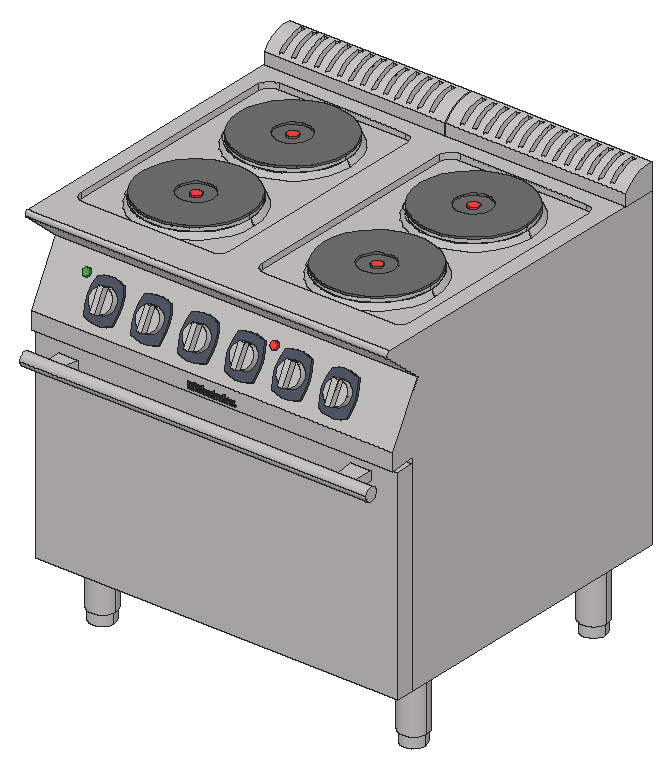
Revit family "QF_ELECTROLUXPROFESSIONAL_371148_E7ECMH4RE5", category Specialty Equipment, Revit 2018
Family settings
  Round Connector Dimension = Use Diameter
  Part Type = Normal
  Work Plane-Based = No
  Always vertical = Yes
  Cut with Voids When Loaded = No
  Shared = No
  Room Calculation Point = No
Parameters (values of type "Standard")
  Weight = 80.00 kg
  Watts = 0 W
  Volts = 400 V
  URL Manufacturer = "http://professional.electrolux.com"
  URL = "http://professional.electrolux.com"
  Steam Supply Size = 0"
  Steam Supply Minimum Pressure = 0.00 psi
  Steam Supply Maximum Pressure = 0.00 psi
  Steam Pounds per Hour = 0
  Show Logo [instance] = yes
  Show Clearance [instance] = yes
  Refrigeration Suction Line Size = 0 mm
  Refrigeration Liquid Line Size = 0 mm
  Refrigerant Compressor Remote = yes
  Phase = 3
  Model = "E7ECMH4RE5"
  Manufacturer = "Electrolux Professional"
  Length Actual = 800 mm  # constant formula
  Item Number = "371148"
  Hot Water Size = 0"
  Height Actual = 850 mm  # constant formula
  HP = "22 HP"
  Gas Size = 0"
  Gas KW = 0
  Gas Input Pressure = 0.0 Btu/h
  Direct Waste Size = 0"
  Description = "4-HOT PLATE EL.RANGE+OVEN 800MM-MAR400V"
  Depth Actual = 730 mm  # constant formula
  Cycle = 50 Hz
  Condensate Return Size = 0"
  Compressed Air Volume = 0 GPM
  Compressed Air Size = 0"
  Compressed Air Pressure = 0.00 psi
  Cold Water Size = 0"
  Accessory = yes
Reference planes
  plane 1 "BACK": y = 0
  plane 2: z = 0
  plane 3 "LEFT": x = 0
  plane 4 "RIGHT": x = 800.1
  plane 5 "FRONT": y = -730.25
  plane 6 "TOP": z = 908.1
  plane 7 "Center Y": x = 400.05
  plane 8 "Center X": y = -365.125
  plane 9 "TOP A": z = 851
  plane 10: z = 150
Forms (mm)
  Extrusion 1, solid, material "QF_Finishes_Stainless Steel"
    sketch origin (0, 0, 0) x (0, 1, 0) y (0, 0, 1)
      loop
        line (0, 851) -> (-722.928, 851)
        arc (-722.928, 851) -> (-729.69, 846.314) -> (-727.679, 838.336) r 7.223
        line (-727.679, 838.336) -> (-646.919, 767.809) -> (-713.772, 646.19) -> (-713.772, 608.09) -> (-660.4, 613.7) -> (-660.4, 150) -> (0, 150) -> (0, 851)
    from 0 to 800.1
  Extrusion 2, solid, material "QF_Finishes_Clearance", visible <- "Show Clearance", detail levels coarse
    sketch origin (0, 0, 0) x (1, 0, 0) y (0, 1, 0)
      loop
        line (0, -730.25) -> (0, 0) -> (800.1, 0) -> (800.1, -730.25) -> (950.119, -730.25) -> (950.119, 150.019) -> (-150.019, 150.019) -> (-150.019, -730.25) -> (0, -730.25)
    from 0 to 908.1
  Revolve 3, solid, material "QF_Finishes_Stainless Steel"
    sketch origin (0, -587.387, 608.09) x (0, 0, 1) y (-1, 0, 0)
      loop
        line (-608.09, -56) -> (-458.09, -56) -> (-458.09, -26) -> (-583.09, -26) -> (-583.09, -29.75) -> (-608.09, -29.75) -> (-608.09, -56)
      axis (-608.09, -56) -> (-458.09, -56)
    angle from 0 to 360
  Revolve 4, solid, material "QF_Finishes_Stainless Steel"
    sketch origin (400.05, -587.387, 608.09) x (0, 0, 1) y (-1, 0, 0)
      loop
        line (-608.09, -344.05) -> (-608.09, -370.3) -> (-583.09, -370.3) -> (-583.09, -374.05) -> (-458.09, -374.05) -> (-458.09, -344.05) -> (-608.09, -344.05)
      axis (-608.09, -344.05) -> (-458.09, -344.05)
    angle from 0 to 360
  Revolve 5, solid, material "QF_Finishes_Stainless Steel"
    sketch origin (0, -90, 608.09) x (0, 0, 1) y (-1, 0, 0)
      loop
        line (-608.09, -56) -> (-458.09, -56) -> (-458.09, -26) -> (-583.09, -26) -> (-583.09, -29.75) -> (-608.09, -29.75) -> (-608.09, -56)
      axis (-608.09, -56) -> (-458.09, -56)
    angle from 0 to 360
  Revolve 6, solid, material "QF_Finishes_Stainless Steel"
    sketch origin (400.05, -90, 608.09) x (0, 0, 1) y (-1, 0, 0)
      loop
        line (-608.09, -344.05) -> (-608.09, -370.3) -> (-583.09, -370.3) -> (-583.09, -374.05) -> (-458.09, -374.05) -> (-458.09, -344.05) -> (-608.09, -344.05)
      axis (-608.09, -344.05) -> (-458.09, -344.05)
    angle from 0 to 360
  Extrusion 7, solid, material "QF_Finishes_Stainless Steel"
    sketch origin (-77.88, -4572, 150) x (-1, 0, 0) y (0, -1, 0)
      loop
        circle (-830.355, -4059.238) r 12.7
    from 3.2 to 0
  Extrusion 8, solid, material "QF_Finishes_Stainless Steel"
    sketch origin (199.231, -12.7, -7.5) x (0, 1, 0) y (0, 0, 1)
      loop
        circle (-740.063, 582.209) r 14
    from -181.531 to 583.169
  Extrusion 9, solid, material "QF_Finishes_Stainless Steel"
    sketch origin (-23.75, -12.7, 562.009) x (-1, 0, 0) y (0, -1, 0)
      loop
        line (-84.731, 741.563) -> (-118.724, 741.563) -> (-126.38, 700.088) -> (-84.731, 700.088) -> (-84.731, 741.563)
      loop
        line (-762.869, 741.563) -> (-762.869, 687.387) -> (-718.876, 687.387) -> (-728.876, 741.563) -> (-762.869, 741.563)
    from 0 to 21.491
  Extrusion 10, solid, material "QF_Finishes_Navy Blue", visible <- "Show Logo"
    sketch origin (59.194, -713.772, 608.09) x (0, 0, 1) y (-1, 0, 0)
      loop
        line (20.674, -296.698) -> (8.307, -296.698)
        arc (8.307, -296.698) -> (14.491, -301.27) -> (20.674, -296.698) r 6.467
      loop
        arc (20.674, -296.069) -> (19.505, -290.926) -> (14.849, -288.448) r 6.338
        line (14.849, -288.448) -> (14.849, -290.494)
        arc (14.849, -290.494) -> (16.333, -294.149) -> (19.778, -296.069) r 5.941
        line (19.778, -296.069) -> (20.674, -296.069)
      loop
        arc (9.203, -296.069) -> (12.648, -294.149) -> (14.132, -290.494) r 5.941
        line (14.132, -290.494) -> (14.132, -288.448)
        arc (14.132, -288.448) -> (9.438, -290.922) -> (8.148, -296.069) r 6.504
        line (8.148, -296.069) -> (9.203, -296.069)
      loop
        line (21.349, -287.979) -> (7.604, -287.979) -> (7.604, -301.742) -> (21.349, -301.742) -> (21.349, -287.979)
      loop
        arc (21.432, -304.71) -> (21.085, -304.352) -> (20.718, -304.69) r 0.358
        arc (20.718, -304.69) -> (20.404, -305.44) -> (19.687, -305.825) r 1.216
        line (19.687, -305.825) -> (9.274, -305.825)
        arc (9.274, -305.825) -> (8.614, -305.548) -> (8.218, -304.951) r 1.238
        arc (8.218, -304.951) -> (7.823, -304.7) -> (7.518, -305.054) r 0.358
        line (7.518, -305.054) -> (7.518, -314.933) -> (10.269, -314.933) -> (10.269, -314.036)
        arc (10.269, -314.036) -> (9.36, -313.456) -> (8.904, -312.479) r 1.928
        line (8.904, -312.479) -> (8.904, -309.98)
        arc (8.904, -309.98) -> (9.18, -309.251) -> (9.868, -308.887) r 1.101
        line (9.868, -308.887) -> (13.955, -308.887) -> (13.955, -312.561)
        arc (13.955, -312.561) -> (13.602, -313.058) -> (13.037, -313.286) r 1.083
        arc (13.037, -313.286) -> (12.773, -313.591) -> (13.065, -313.869) r 0.292
        line (13.065, -313.869) -> (16.028, -313.869)
        arc (16.028, -313.869) -> (16.33, -313.596) -> (16.092, -313.266) r 0.305
        arc (16.092, -313.266) -> (15.601, -313.018) -> (15.296, -312.561) r 1.083
        line (15.296, -312.561) -> (15.296, -308.887) -> (19.973, -308.887) -> (19.973, -312.635)
        arc (19.973, -312.635) -> (19.759, -313.39) -> (19.153, -313.888) r 1.314
        arc (19.153, -313.888) -> (18.934, -314.292) -> (19.288, -314.585) r 0.361
        line (19.288, -314.585) -> (21.432, -314.585) -> (21.432, -304.71)
      loop
        arc (20.715, -315.365) -> (20.335, -316.284) -> (19.416, -316.664) r 1.299
        line (19.416, -316.664) -> (9.837, -316.664)
        arc (9.837, -316.664) -> (8.999, -316.286) -> (8.728, -315.408) r 1.118
        line (8.728, -315.408) -> (7.518, -315.408) -> (7.518, -320.758) -> (8.706, -320.758)
        arc (8.706, -320.758) -> (8.978, -319.841) -> (9.848, -319.445) r 1.153
        line (9.848, -319.445) -> (21.92, -319.445) -> (20.715, -315.365)
      loop
        line (12.483, -323.394) -> (12.483, -329.842) -> (13.282, -329.842)
        arc (13.282, -329.842) -> (15.862, -328.857) -> (17.131, -326.404) r 3.874
        line (17.131, -326.404) -> (17.131, -324.643)
        arc (17.131, -324.643) -> (15.944, -321.778) -> (13.08, -320.592) r 4.051
        line (13.08, -320.592) -> (11.072, -320.592)
        arc (11.072, -320.592) -> (8.253, -322.077) -> (7.202, -325.084) r 4.352
        arc (7.202, -325.084) -> (7.566, -327.547) -> (8.943, -329.621) r 5.713
        line (8.943, -329.621) -> (9.892, -329.621)
        arc (9.892, -329.621) -> (9.16, -328.052) -> (8.943, -326.334) r 5.579
        arc (8.943, -326.334) -> (9.737, -324.371) -> (11.616, -323.394) r 3.057
        line (11.616, -323.394) -> (12.483, -323.394)
      loop
        line (13.742, -323.394) -> (13.742, -326.977)
        arc (13.742, -326.977) -> (15.199, -327.024) -> (16.082, -325.864) r 1.59
        line (16.082, -325.864) -> (16.082, -325.034)
        arc (16.082, -325.034) -> (15.217, -323.779) -> (13.742, -323.394) r 2.184
      loop
        arc (16.533, -339.259) -> (17.022, -337.585) -> (17.179, -335.848) r 9.023
        line (17.179, -335.848) -> (17.179, -334.486)
        arc (17.179, -334.486) -> (16.02, -331.686) -> (13.22, -330.527) r 3.959
        line (13.22, -330.527) -> (10.62, -330.527)
        arc (10.62, -330.527) -> (8.338, -331.819) -> (7.221, -334.192) r 4.331
        line (7.221, -334.192) -> (7.221, -336.327)
        arc (7.221, -336.327) -> (7.729, -337.877) -> (8.651, -339.223) r 5.772
        arc (8.651, -339.223) -> (9.412, -339.274) -> (9.499, -338.515) r 0.553
        arc (9.499, -338.515) -> (9.111, -337.781) -> (8.977, -336.962) r 2.573
        line (8.977, -336.962) -> (8.977, -335.447)
        arc (8.977, -335.447) -> (9.983, -333.806) -> (11.798, -333.163) r 2.884
        line (11.798, -333.163) -> (13.077, -333.163)
        arc (13.077, -333.163) -> (14.898, -333.723) -> (15.824, -335.388) r 2.554
        line (15.824, -335.388) -> (15.824, -336.441)
        arc (15.824, -336.441) -> (15.493, -337.369) -> (14.836, -338.104) r 2.564
        arc (14.836, -338.104) -> (14.614, -338.821) -> (15.223, -339.259) r 0.643
        line (15.223, -339.259) -> (16.533, -339.259)
      loop
        line (15.515, -339.53) -> (15.515, -341.031) -> (9.467, -341.031)
        arc (9.467, -341.031) -> (7.879, -341.688) -> (7.221, -343.276) r 2.246
        line (7.221, -343.276) -> (7.221, -344.86)
        arc (7.221, -344.86) -> (7.535, -345.725) -> (8.035, -346.496) r 4.06
        arc (8.035, -346.496) -> (8.768, -346.629) -> (9.019, -345.928) r 0.576
        arc (9.019, -345.928) -> (8.913, -345.403) -> (8.977, -344.87) r 1.69
        arc (8.977, -344.87) -> (9.519, -344.082) -> (10.425, -343.779) r 1.506
        line (10.425, -343.779) -> (15.563, -343.779) -> (15.563, -346.176) -> (16.119, -346.733) -> (16.941, -346.733) -> (16.941, -343.873) -> (20.172, -343.873) -> (15.515, -339.53)
      loop
        line (7.438, -347.63) -> (7.438, -353.017) -> (8.548, -353.017)
        arc (8.548, -353.017) -> (8.942, -352.066) -> (9.893, -351.672) r 1.345
        line (9.893, -351.672) -> (13.509, -351.672)
        arc (13.509, -351.672) -> (14.274, -352.264) -> (14.564, -353.186) r 1.615
        line (14.564, -353.186) -> (14.564, -354.742) -> (17.119, -355.427) -> (17.119, -354.044) -> (15.177, -351.485) -> (17.057, -351.485) -> (16.773, -348.779)
        arc (16.773, -348.779) -> (16.333, -348.249) -> (15.674, -348.45) r 0.621
        arc (15.674, -348.45) -> (15.274, -348.792) -> (14.78, -348.975) r 1.501
        line (14.78, -348.975) -> (9.893, -348.975)
        arc (9.893, -348.975) -> (8.942, -348.581) -> (8.548, -347.63) r 1.345
        line (8.548, -347.63) -> (7.438, -347.63)
      loop
        line (13.54, -354.964) -> (10.848, -354.964)
        arc (10.848, -354.964) -> (8.403, -356.272) -> (7.269, -358.803) r 4.288
        arc (7.269, -358.803) -> (7.205, -360.183) -> (7.269, -361.563) r 15.022
        arc (7.269, -361.563) -> (8.403, -364.094) -> (10.848, -365.401) r 4.288
        line (10.848, -365.401) -> (13.54, -365.401)
        arc (13.54, -365.401) -> (15.986, -364.094) -> (17.119, -361.563) r 4.288
        arc (17.119, -361.563) -> (17.183, -360.183) -> (17.119, -358.803) r 15.022
        arc (17.119, -358.803) -> (15.986, -356.272) -> (13.54, -354.964) r 4.288
      loop
        line (13.745, -358.078) -> (10.643, -358.078)
        arc (10.643, -358.078) -> (8.486, -360.235) -> (10.643, -362.392) r 2.157
        line (10.643, -362.392) -> (13.745, -362.392)
        arc (13.745, -362.392) -> (15.902, -360.235) -> (13.745, -358.078) r 2.157
      loop
        arc (20.726, -365.26) -> (20.355, -366.154) -> (19.461, -366.524) r 1.264
        line (19.461, -366.524) -> (9.597, -366.524)
        arc (9.597, -366.524) -> (8.727, -366.127) -> (8.455, -365.211) r 1.153
        line (8.455, -365.211) -> (7.518, -365.211) -> (7.518, -370.319) -> (8.446, -370.319)
        arc (8.446, -370.319) -> (8.805, -369.547) -> (9.597, -369.232) r 1.153
        line (9.597, -369.232) -> (21.92, -369.232) -> (20.726, -365.26)
      loop
        arc (15.846, -369.857) -> (15.647, -370.921) -> (14.678, -371.403) r 1.215
        line (14.678, -371.403) -> (9.658, -371.403)
        arc (9.658, -371.403) -> (8.043, -372.051) -> (7.322, -373.634) r 2.338
        line (7.322, -373.634) -> (7.322, -375.148)
        arc (7.322, -375.148) -> (7.497, -376.152) -> (7.999, -377.038) r 2.979
        line (7.999, -377.038) -> (7.518, -378.835) -> (7.518, -380.524) -> (16.943, -380.524) -> (16.649, -376.32) -> (15.863, -376.32)
        arc (15.863, -376.32) -> (15.507, -377.156) -> (14.755, -377.665) r 1.605
        line (14.755, -377.665) -> (9.652, -377.665)
        arc (9.652, -377.665) -> (9.232, -376.728) -> (9.159, -375.704) r 2.94
        arc (9.159, -375.704) -> (9.72, -374.603) -> (10.873, -374.16) r 1.724
        line (10.873, -374.16) -> (17.07, -374.16) -> (15.846, -369.857)
      loop
        line (16.874, -381.377) -> (15.202, -383.423) -> (12.028, -385.729) -> (8.572, -382.617)
        arc (8.572, -382.617) -> (8.335, -382.223) -> (8.357, -381.764) r 0.789
        line (8.357, -381.764) -> (7.518, -381.764) -> (7.518, -385.309) -> (8.344, -385.309)
        arc (8.344, -385.309) -> (8.686, -384.947) -> (9.176, -385.039) r 0.52
        line (9.176, -385.039) -> (10.976, -386.51) -> (8.858, -387.886)
        arc (8.858, -387.886) -> (8.457, -387.576) -> (8.37, -387.076) r 0.7
        line (8.37, -387.076) -> (7.518, -387.076) -> (7.518, -393.003) -> (8.405, -393.003)
        arc (8.405, -393.003) -> (8.472, -392.344) -> (8.866, -391.813) r 1.247
        line (8.866, -391.813) -> (13.066, -388.532) -> (15.513, -390.585) -> (16.874, -392.327) -> (16.874, -388.604) -> (15.389, -389.026) -> (13.868, -387.749) -> (15.568, -386.559) -> (16.874, -387.336) -> (16.874, -381.377)
    from 0 to 1.644
  Extrusion 11, solid, material "QF_Finishes_Stainless Steel"
    sketch origin (0, -660.4, 601) x (0, 0, 1) y (-1, 0, 0)
      loop
        line (0, -800.1) -> (0, 0) -> (-451, 0) -> (-451, -800.1) -> (0, -800.1)
    from 1.588 to 39.688
  Extrusion 12, solid, material "QF_Finishes_Navy Blue"
    sketch origin (-221.762, -716.743, 640.785) x (0, 0.481713, 0.876329) y (-1, 0, 0)
      loop
        arc (105.947, -332.692) -> (68.865, -323.711) -> (31.333, -330.573) r 91.844
        arc (31.333, -330.573) -> (24.206, -361.215) -> (31.333, -391.858) r 69.441
        arc (31.333, -391.858) -> (68.854, -398.569) -> (105.947, -389.79) r 93.759
        arc (105.947, -389.79) -> (112.176, -361.241) -> (105.947, -332.692) r 68.543
    from 0 to 3.175
  Extrusion 13, solid, material "QF_Finishes_Stainless Steel"
    sketch origin (-20.512, -719.526, 642.314) x (0, 0.481713, 0.876329) y (-1, 0, 0)
      loop
        circle (68.826, -160.963) r 25.4
    from 0 to 12.7
  Extrusion 14, solid, material "QF_Finishes_Stainless Steel"
    sketch origin (-20.512, -730.655, 648.432) x (0, 0.481713, 0.876329) y (-1, 0, 0)
      loop
        arc (93.558, -166.749) -> (94.226, -160.963) -> (93.558, -155.177) r 25.4
        line (93.558, -155.177) -> (44.094, -155.177)
        arc (44.094, -155.177) -> (43.426, -160.963) -> (44.094, -166.749) r 25.4
        line (44.094, -166.749) -> (93.558, -166.749)
    from 0 to 12.7
  Extrusion 15, solid, material "QF_Finishes_Green"
    sketch origin (-92.5, -696.912, 676.862) x (0, 0.481713, 0.876329) y (-1, 0, 0)
      loop
        circle (63.365, -178.251) r 8
    from 0 to 3.175
  Extrusion 16, solid, material "QF_Finishes_Door Clearance", visible <- "Show Clearance", detail levels coarse
    sketch origin (400.05, 0, 0) x (0, 1, 0) y (0, 0, 1)
      loop
        line (-700.088, 150) -> (-700.088, 601)
        arc (-700.088, 601) -> (-992.356, 454.945) -> (-1109.663, 150) r 451.686
        line (-1109.663, 150) -> (-700.088, 150)
    from -400.05 to 400.05
  Extrusion 17, solid, material "QF_Finishes_Navy Blue"
    sketch origin (297.436, -716.743, 640.785) x (0, 0.481713, 0.876329) y (-1, 0, 0)
      loop
        arc (105.947, -332.692) -> (68.865, -323.711) -> (31.333, -330.573) r 91.844
        arc (31.333, -330.573) -> (24.206, -361.215) -> (31.333, -391.858) r 69.441
        arc (31.333, -391.858) -> (68.854, -398.569) -> (105.947, -389.79) r 93.759
        arc (105.947, -389.79) -> (112.176, -361.241) -> (105.947, -332.692) r 68.543
    from 0 to 3.175
  Extrusion 18, solid, material "QF_Finishes_Stainless Steel"
    sketch origin (498.686, -719.526, 642.314) x (0, 0.481713, 0.876329) y (-1, 0, 0)
      loop
        circle (68.826, -160.963) r 25.4
    from 0 to 12.7
  Extrusion 19, solid, material "QF_Finishes_Stainless Steel"
    sketch origin (498.686, -730.655, 648.432) x (0, 0.481713, 0.876329) y (-1, 0, 0)
      loop
        arc (93.558, -166.749) -> (94.226, -160.963) -> (93.558, -155.177) r 25.4
        line (93.558, -155.177) -> (44.094, -155.177)
        arc (44.094, -155.177) -> (43.426, -160.963) -> (44.094, -166.749) r 25.4
        line (44.094, -166.749) -> (93.558, -166.749)
    from 0 to 12.7
  Extrusion 20, solid, material "QF_Finishes_Navy Blue"
    sketch origin (-117.922, -716.743, 640.785) x (0, 0.481713, 0.876329) y (-1, 0, 0)
      loop
        arc (105.947, -332.692) -> (68.865, -323.711) -> (31.333, -330.573) r 91.844
        arc (31.333, -330.573) -> (24.206, -361.215) -> (31.333, -391.858) r 69.441
        arc (31.333, -391.858) -> (68.854, -398.569) -> (105.947, -389.79) r 93.759
        arc (105.947, -389.79) -> (112.176, -361.241) -> (105.947, -332.692) r 68.543
    from 0 to 3.175
  Extrusion 21, solid, material "QF_Finishes_Stainless Steel"
    sketch origin (83.328, -719.526, 642.314) x (0, 0.481713, 0.876329) y (-1, 0, 0)
      loop
        circle (68.826, -160.963) r 25.4
    from 0 to 12.7
  Extrusion 22, solid, material "QF_Finishes_Stainless Steel"
    sketch origin (83.328, -730.655, 648.432) x (0, 0.481713, 0.876329) y (-1, 0, 0)
      loop
        arc (93.558, -166.749) -> (94.226, -160.963) -> (93.558, -155.177) r 25.4
        line (93.558, -155.177) -> (44.094, -155.177)
        arc (44.094, -155.177) -> (43.426, -160.963) -> (44.094, -166.749) r 25.4
        line (44.094, -166.749) -> (93.558, -166.749)
    from 0 to 12.7
  Extrusion 23, solid, material "QF_Finishes_Navy Blue"
    sketch origin (-14.083, -716.743, 640.785) x (0, 0.481713, 0.876329) y (-1, 0, 0)
      loop
        arc (105.947, -332.692) -> (68.865, -323.711) -> (31.333, -330.573) r 91.844
        arc (31.333, -330.573) -> (24.206, -361.215) -> (31.333, -391.858) r 69.441
        arc (31.333, -391.858) -> (68.854, -398.569) -> (105.947, -389.79) r 93.759
        arc (105.947, -389.79) -> (112.176, -361.241) -> (105.947, -332.692) r 68.543
    from 0 to 3.175
  Extrusion 24, solid, material "QF_Finishes_Stainless Steel"
    sketch origin (187.167, -719.526, 642.314) x (0, 0.481713, 0.876329) y (-1, 0, 0)
      loop
        circle (68.826, -160.963) r 25.4
    from 0 to 12.7
  Extrusion 25, solid, material "QF_Finishes_Stainless Steel"
    sketch origin (187.167, -730.655, 648.432) x (0, 0.481713, 0.876329) y (-1, 0, 0)
      loop
        arc (93.558, -166.749) -> (94.226, -160.963) -> (93.558, -155.177) r 25.4
        line (93.558, -155.177) -> (44.094, -155.177)
        arc (44.094, -155.177) -> (43.426, -160.963) -> (44.094, -166.749) r 25.4
        line (44.094, -166.749) -> (93.558, -166.749)
    from 0 to 12.7
  Extrusion 26, solid, material "QF_Finishes_Navy Blue"
    sketch origin (89.757, -716.743, 640.785) x (0, 0.481713, 0.876329) y (-1, 0, 0)
      loop
        arc (105.947, -332.692) -> (68.865, -323.711) -> (31.333, -330.573) r 91.844
        arc (31.333, -330.573) -> (24.206, -361.215) -> (31.333, -391.858) r 69.441
        arc (31.333, -391.858) -> (68.854, -398.569) -> (105.947, -389.79) r 93.759
        arc (105.947, -389.79) -> (112.176, -361.241) -> (105.947, -332.692) r 68.543
    from 0 to 3.175
  Extrusion 27, solid, material "QF_Finishes_Stainless Steel"
    sketch origin (291.007, -719.526, 642.314) x (0, 0.481713, 0.876329) y (-1, 0, 0)
      loop
        circle (68.826, -160.963) r 25.4
    from 0 to 12.7
  Extrusion 28, solid, material "QF_Finishes_Stainless Steel"
    sketch origin (291.007, -730.655, 648.432) x (0, 0.481713, 0.876329) y (-1, 0, 0)
      loop
        arc (93.558, -166.749) -> (94.226, -160.963) -> (93.558, -155.177) r 25.4
        line (93.558, -155.177) -> (44.094, -155.177)
        arc (44.094, -155.177) -> (43.426, -160.963) -> (44.094, -166.749) r 25.4
        line (44.094, -166.749) -> (93.558, -166.749)
    from 0 to 12.7
  Extrusion 29, solid, material "QF_Finishes_Navy Blue"
    sketch origin (193.596, -716.743, 640.785) x (0, 0.481713, 0.876329) y (-1, 0, 0)
      loop
        arc (105.947, -332.692) -> (68.865, -323.711) -> (31.333, -330.573) r 91.844
        arc (31.333, -330.573) -> (24.206, -361.215) -> (31.333, -391.858) r 69.441
        arc (31.333, -391.858) -> (68.854, -398.569) -> (105.947, -389.79) r 93.759
        arc (105.947, -389.79) -> (112.176, -361.241) -> (105.947, -332.692) r 68.543
    from 0 to 3.175
  Extrusion 30, solid, material "QF_Finishes_Stainless Steel"
    sketch origin (394.846, -719.526, 642.314) x (0, 0.481713, 0.876329) y (-1, 0, 0)
      loop
        circle (68.826, -160.963) r 25.4
    from 0 to 12.7
  Extrusion 31, solid, material "QF_Finishes_Stainless Steel"
    sketch origin (394.846, -730.655, 648.432) x (0, 0.481713, 0.876329) y (-1, 0, 0)
      loop
        arc (93.558, -166.749) -> (94.226, -160.963) -> (93.558, -155.177) r 25.4
        line (93.558, -155.177) -> (44.094, -155.177)
        arc (44.094, -155.177) -> (43.426, -160.963) -> (44.094, -166.749) r 25.4
        line (44.094, -166.749) -> (93.558, -166.749)
    from 0 to 12.7
  Extrusion 32, solid, material "QF_Finishes_Stainless Steel"
    sketch origin (0, 0, 576.362) x (0, 1, 0) y (0, 0, 1)
      loop
        line (0, 274.638) -> (0, 331.738)
        arc (0, 331.738) -> (-38.857, 324.552) -> (-69.85, 300.038) r 82.056
        line (-69.85, 300.038) -> (-69.85, 274.638) -> (0, 274.638)
    from 0 to 400.05
  Extrusion 33, void
    sketch origin (0, 0, 851) x (0, -1, 0) y (1, 0, 0)
      loop
        line (6.761, 29.703) -> (63.911, 29.703) -> (63.911, 38.999) -> (6.761, 38.999) -> (6.761, 29.703)
      loop
        line (63.911, 64.487) -> (6.761, 64.487) -> (6.761, 55.191) -> (63.911, 55.191) -> (63.911, 64.487)
      loop
        line (63.911, 89.975) -> (6.761, 89.975) -> (6.761, 80.68) -> (63.911, 80.68) -> (63.911, 89.975)
      loop
        line (63.911, 115.464) -> (6.761, 115.464) -> (6.761, 106.168) -> (63.911, 106.168) -> (63.911, 115.464)
      loop
        line (63.911, 140.952) -> (6.761, 140.952) -> (6.761, 131.656) -> (63.911, 131.656) -> (63.911, 140.952)
      loop
        line (63.911, 166.44) -> (6.761, 166.44) -> (6.761, 157.145) -> (63.911, 157.145) -> (63.911, 166.44)
      loop
        line (63.911, 191.929) -> (6.761, 191.929) -> (6.761, 182.633) -> (63.911, 182.633) -> (63.911, 191.929)
      loop
        line (63.911, 217.417) -> (6.761, 217.417) -> (6.761, 208.121) -> (63.911, 208.121) -> (63.911, 217.417)
      loop
        line (63.911, 242.905) -> (6.761, 242.905) -> (6.761, 233.61) -> (63.911, 233.61) -> (63.911, 242.905)
      loop
        line (63.911, 268.394) -> (6.761, 268.394) -> (6.761, 259.098) -> (63.911, 259.098) -> (63.911, 268.394)
      loop
        line (63.911, 293.882) -> (6.761, 293.882) -> (6.761, 284.586) -> (63.911, 284.586) -> (63.911, 293.882)
      loop
        line (63.911, 319.37) -> (6.761, 319.37) -> (6.761, 310.075) -> (63.911, 310.075) -> (63.911, 319.37)
      loop
        line (63.911, 344.859) -> (6.761, 344.859) -> (6.761, 335.563) -> (63.911, 335.563) -> (63.911, 344.859)
      loop
        line (63.911, 370.347) -> (6.761, 370.347) -> (6.761, 361.051) -> (63.911, 361.051) -> (63.911, 370.347)
    from 25.4 to 63.5
  Extrusion 34, void
    sketch origin (0, 0, 851) x (1, 0, 0) y (0, -1, 0)
      loop
        line (60.425, 104.885) -> (339.625, 104.885)
        arc (339.625, 104.885) -> (357.586, 112.324) -> (365.025, 130.285) r 25.4
        line (365.025, 130.285) -> (365.025, 619.485)
        arc (365.025, 619.485) -> (357.586, 637.445) -> (339.625, 644.885) r 25.4
        line (339.625, 644.885) -> (60.425, 644.885)
        arc (60.425, 644.885) -> (42.464, 637.445) -> (35.025, 619.485) r 25.4
        line (35.025, 619.485) -> (35.025, 130.285)
        arc (35.025, 130.285) -> (42.464, 112.324) -> (60.425, 104.885) r 25.4
      loop
        arc (739.675, 104.885) -> (757.636, 112.324) -> (765.075, 130.285) r 25.4
        line (765.075, 130.285) -> (765.075, 619.485)
        arc (765.075, 619.485) -> (757.636, 637.445) -> (739.675, 644.885) r 25.4
        line (739.675, 644.885) -> (460.475, 644.885)
        arc (460.475, 644.885) -> (442.514, 637.445) -> (435.075, 619.485) r 25.4
        line (435.075, 619.485) -> (435.075, 130.285)
        arc (435.075, 130.285) -> (442.514, 112.324) -> (460.475, 104.885) r 25.4
        line (460.475, 104.885) -> (739.675, 104.885)
    from 0 to 12.7
  Extrusion 35, solid, material "QF_Finishes_Stainless Steel"
    sketch origin (400.05, 0, 576.362) x (0, 1, 0) y (0, 0, 1)
      loop
        line (0, 274.638) -> (0, 331.738)
        arc (0, 331.738) -> (-38.857, 324.552) -> (-69.85, 300.038) r 82.056
        line (-69.85, 300.038) -> (-69.85, 274.638) -> (0, 274.638)
    from 0 to 400.05
  Extrusion 36, void
    sketch origin (400.05, 0, 851) x (0, -1, 0) y (1, 0, 0)
      loop
        line (6.761, 29.703) -> (63.911, 29.703) -> (63.911, 38.999) -> (6.761, 38.999) -> (6.761, 29.703)
      loop
        line (63.911, 64.487) -> (6.761, 64.487) -> (6.761, 55.191) -> (63.911, 55.191) -> (63.911, 64.487)
      loop
        line (63.911, 89.975) -> (6.761, 89.975) -> (6.761, 80.68) -> (63.911, 80.68) -> (63.911, 89.975)
      loop
        line (63.911, 115.464) -> (6.761, 115.464) -> (6.761, 106.168) -> (63.911, 106.168) -> (63.911, 115.464)
      loop
        line (63.911, 140.952) -> (6.761, 140.952) -> (6.761, 131.656) -> (63.911, 131.656) -> (63.911, 140.952)
      loop
        line (63.911, 166.44) -> (6.761, 166.44) -> (6.761, 157.145) -> (63.911, 157.145) -> (63.911, 166.44)
      loop
        line (63.911, 191.929) -> (6.761, 191.929) -> (6.761, 182.633) -> (63.911, 182.633) -> (63.911, 191.929)
      loop
        line (63.911, 217.417) -> (6.761, 217.417) -> (6.761, 208.121) -> (63.911, 208.121) -> (63.911, 217.417)
      loop
        line (63.911, 242.905) -> (6.761, 242.905) -> (6.761, 233.61) -> (63.911, 233.61) -> (63.911, 242.905)
      loop
        line (63.911, 268.394) -> (6.761, 268.394) -> (6.761, 259.098) -> (63.911, 259.098) -> (63.911, 268.394)
      loop
        line (63.911, 293.882) -> (6.761, 293.882) -> (6.761, 284.586) -> (63.911, 284.586) -> (63.911, 293.882)
      loop
        line (63.911, 319.37) -> (6.761, 319.37) -> (6.761, 310.075) -> (63.911, 310.075) -> (63.911, 319.37)
      loop
        line (63.911, 344.859) -> (6.761, 344.859) -> (6.761, 335.563) -> (63.911, 335.563) -> (63.911, 344.859)
      loop
        line (63.911, 370.347) -> (6.761, 370.347) -> (6.761, 361.051) -> (63.911, 361.051) -> (63.911, 370.347)
    from 25.4 to 63.5
  Extrusion 37, solid, material "QF_Finishes_Red"
    sketch origin (322.858, -696.912, 676.862) x (0, 0.481713, 0.876329) y (-1, 0, 0)
      loop
        circle (63.365, -178.251) r 8
    from 0 to 3.175
Cuts and joins
  joined: Extrusion 8, Extrusion 9
  Extrusion 33, Extrusion 36 cuts Extrusion 32
  Extrusion 34 cuts Extrusion 1
  Extrusion 36 cuts Extrusion 2
  Extrusion 36 cuts Extrusion 35
Lines and regions (mm)
  symbolic lines, style "QF-Clearances", visible <- "Show Clearance", detail levels coarse
    curve 1: line (-150.019, 150.019, 851) -> (-150.019, -731.627, 851)
    curve 2: line (950.119, 150.019, 851) -> (-150.019, 150.019, 851)
    curve 3: line (950.119, -731.627, 851) -> (950.119, 150.019, 851)
  symbolic lines
    curve 4: line (0, 0, 851) -> (800.1, 0, 851)
    curve 5: line (0, -730.25, 851) -> (0, 0, 851)
    curve 6: line (800.1, 0, 851) -> (800.1, -730.25, 851)
    curve 7: line (0, -69.85, 851) -> (0, -63.012, 851)
    curve 8: line (800.1, -730.25, 851) -> (0, -730.25, 851)
    curve 9: line (0, -69.85, 851) -> (800.1, -69.85, 851)
    curve 13: line (17.7, -738.763, 851) -> (17.7, -766.763, 851)
    curve 14: line (782.4, -766.763, 851) -> (17.7, -766.763, 851)
    curve 15: line (782.4, -738.763, 851) -> (782.4, -766.763, 851)
    curve 16: line (400.05, -69.85, 851) -> (400.05, -63.012, 851)
    curve 17: line (17.7, -738.763, 851) -> (782.4, -738.763, 851)
    curve 18: line (60.981, -738.763, 851) -> (60.981, -730.25, 851)
    curve 19: line (97.835, -738.763, 851) -> (99.406, -730.25, 851)
    curve 20: line (739.119, -738.763, 851) -> (739.119, -730.25, 851)
    curve 21: line (702.265, -738.763, 851) -> (700.694, -730.25, 851)
    curve 22: line (60.425, -104.885, 851) -> (339.625, -104.885, 851)
    curve 23: arc (339.625, -104.885, 851) -> (357.586, -112.324, 851) -> (365.025, -130.285, 851) r 25.4
    curve 24: line (365.025, -130.285, 851) -> (365.025, -619.485, 851)
    curve 25: arc (365.025, -619.485, 851) -> (357.586, -637.445, 851) -> (339.625, -644.885, 851) r 25.4
    curve 26: line (339.625, -644.885, 851) -> (60.425, -644.885, 851)
    curve 27: arc (60.425, -644.885, 851) -> (42.464, -637.445, 851) -> (35.025, -619.485, 851) r 25.4
    curve 28: line (35.025, -619.485, 851) -> (35.025, -130.285, 851)
    curve 29: arc (35.025, -130.285, 851) -> (42.464, -112.324, 851) -> (60.425, -104.885, 851) r 25.4
    curve 30: line (460.475, -104.885, 851) -> (739.675, -104.885, 851)
    curve 31: arc (739.675, -104.885, 851) -> (757.636, -112.324, 851) -> (765.075, -130.285, 851) r 25.4
    curve 32: line (765.075, -130.285, 851) -> (765.075, -619.485, 851)
    curve 33: arc (765.075, -619.485, 851) -> (757.636, -637.445, 851) -> (739.675, -644.885, 851) r 25.4
    curve 34: line (739.675, -644.885, 851) -> (460.475, -644.885, 851)
    curve 35: arc (460.475, -644.885, 851) -> (442.514, -637.445, 851) -> (435.075, -619.485, 851) r 25.4
    curve 36: line (435.075, -619.485, 851) -> (435.075, -130.285, 851)
    curve 37: arc (435.075, -130.285, 851) -> (442.514, -112.324, 851) -> (460.475, -104.885, 851) r 25.4
    curve 38: line (400.05, -69.85, 851) -> (400.05, 0, 851)
    curve 39: line (29.703, -6.761, 851) -> (38.999, -6.761, 851)
    curve 40: line (29.703, -63.911, 851) -> (29.703, -6.761, 851)
    curve 41: line (38.999, -63.911, 851) -> (29.703, -63.911, 851)
    curve 42: line (38.999, -6.761, 851) -> (38.999, -63.911, 851)
    curve 43: line (55.191, -6.761, 851) -> (64.487, -6.761, 851)
    curve 44: line (55.191, -63.911, 851) -> (55.191, -6.761, 851)
    curve 45: line (64.487, -63.911, 851) -> (55.191, -63.911, 851)
    curve 46: line (64.487, -6.761, 851) -> (64.487, -63.911, 851)
    curve 47: line (80.68, -6.761, 851) -> (89.975, -6.761, 851)
    curve 48: line (80.68, -63.911, 851) -> (80.68, -6.761, 851)
    curve 49: line (89.975, -63.911, 851) -> (80.68, -63.911, 851)
    curve 50: line (89.975, -6.761, 851) -> (89.975, -63.911, 851)
    curve 51: line (106.168, -6.761, 851) -> (115.464, -6.761, 851)
    curve 52: line (106.168, -63.911, 851) -> (106.168, -6.761, 851)
    curve 53: line (115.464, -63.911, 851) -> (106.168, -63.911, 851)
    curve 54: line (115.464, -6.761, 851) -> (115.464, -63.911, 851)
    curve 55: line (131.656, -6.761, 851) -> (140.952, -6.761, 851)
    curve 56: line (131.656, -63.911, 851) -> (131.656, -6.761, 851)
    curve 57: line (140.952, -63.911, 851) -> (131.656, -63.911, 851)
    curve 58: line (140.952, -6.761, 851) -> (140.952, -63.911, 851)
    curve 59: line (157.145, -6.761, 851) -> (166.44, -6.761, 851)
    curve 60: line (157.145, -63.911, 851) -> (157.145, -6.761, 851)
    curve 61: line (166.44, -63.911, 851) -> (157.145, -63.911, 851)
    curve 62: line (166.44, -6.761, 851) -> (166.44, -63.911, 851)
    curve 63: line (182.633, -6.761, 851) -> (191.929, -6.761, 851)
    curve 64: line (182.633, -63.911, 851) -> (182.633, -6.761, 851)
    curve 65: line (191.929, -63.911, 851) -> (182.633, -63.911, 851)
    curve 66: line (191.929, -6.761, 851) -> (191.929, -63.911, 851)
    curve 67: line (208.121, -6.761, 851) -> (217.417, -6.761, 851)
    curve 68: line (208.121, -63.911, 851) -> (208.121, -6.761, 851)
    curve 69: line (217.417, -63.911, 851) -> (208.121, -63.911, 851)
    curve 70: line (217.417, -6.761, 851) -> (217.417, -63.911, 851)
    curve 71: line (233.61, -6.761, 851) -> (242.905, -6.761, 851)
    curve 72: line (233.61, -63.911, 851) -> (233.61, -6.761, 851)
    curve 73: line (242.905, -63.911, 851) -> (233.61, -63.911, 851)
    curve 74: line (242.905, -6.761, 851) -> (242.905, -63.911, 851)
    curve 75: line (259.098, -6.761, 851) -> (268.394, -6.761, 851)
    curve 76: line (259.098, -63.911, 851) -> (259.098, -6.761, 851)
    curve 77: line (268.394, -63.911, 851) -> (259.098, -63.911, 851)
    curve 78: line (268.394, -6.761, 851) -> (268.394, -63.911, 851)
    curve 79: line (284.586, -6.761, 851) -> (293.882, -6.761, 851)
    curve 80: line (284.586, -63.911, 851) -> (284.586, -6.761, 851)
    curve 81: line (293.882, -63.911, 851) -> (284.586, -63.911, 851)
    curve 82: line (293.882, -6.761, 851) -> (293.882, -63.911, 851)
    curve 83: line (310.075, -6.761, 851) -> (319.37, -6.761, 851)
    curve 84: line (310.075, -63.911, 851) -> (310.075, -6.761, 851)
    curve 85: line (319.37, -63.911, 851) -> (310.075, -63.911, 851)
    curve 86: line (319.37, -6.761, 851) -> (319.37, -63.911, 851)
    curve 87: line (335.563, -6.761, 851) -> (344.859, -6.761, 851)
    curve 88: line (335.563, -63.911, 851) -> (335.563, -6.761, 851)
    curve 89: line (344.859, -63.911, 851) -> (335.563, -63.911, 851)
    curve 90: line (344.859, -6.761, 851) -> (344.859, -63.911, 851)
    curve 91: line (361.051, -6.761, 851) -> (370.347, -6.761, 851)
    curve 92: line (361.051, -63.911, 851) -> (361.051, -6.761, 851)
    curve 93: line (370.347, -63.911, 851) -> (361.051, -63.911, 851)
    curve 94: line (370.347, -6.761, 851) -> (370.347, -63.911, 851)
    curve 95: line (770.397, -6.761, 851) -> (761.101, -6.761, 851)
    curve 96: line (770.397, -63.911, 851) -> (770.397, -6.761, 851)
    curve 97: line (761.101, -63.911, 851) -> (770.397, -63.911, 851)
    curve 98: line (761.101, -6.761, 851) -> (761.101, -63.911, 851)
    curve 99: line (744.909, -6.761, 851) -> (735.613, -6.761, 851)
    curve 100: line (744.909, -63.911, 851) -> (744.909, -6.761, 851)
    curve 101: line (735.613, -63.911, 851) -> (744.909, -63.911, 851)
    curve 102: line (735.613, -6.761, 851) -> (735.613, -63.911, 851)
    curve 103: line (719.42, -6.761, 851) -> (710.125, -6.761, 851)
    curve 104: line (719.42, -63.911, 851) -> (719.42, -6.761, 851)
    curve 105: line (710.125, -63.911, 851) -> (719.42, -63.911, 851)
    curve 106: line (710.125, -6.761, 851) -> (710.125, -63.911, 851)
    curve 107: line (693.932, -6.761, 851) -> (684.636, -6.761, 851)
    curve 108: line (693.932, -63.911, 851) -> (693.932, -6.761, 851)
    curve 109: line (684.636, -63.911, 851) -> (693.932, -63.911, 851)
    curve 110: line (684.636, -6.761, 851) -> (684.636, -63.911, 851)
    curve 111: line (668.444, -6.761, 851) -> (659.148, -6.761, 851)
    curve 112: line (668.444, -63.911, 851) -> (668.444, -6.761, 851)
    curve 113: line (659.148, -63.911, 851) -> (668.444, -63.911, 851)
    curve 114: line (659.148, -6.761, 851) -> (659.148, -63.911, 851)
    curve 115: line (642.955, -6.761, 851) -> (633.66, -6.761, 851)
    curve 116: line (642.955, -63.911, 851) -> (642.955, -6.761, 851)
    curve 117: line (633.66, -63.911, 851) -> (642.955, -63.911, 851)
    curve 118: line (633.66, -6.761, 851) -> (633.66, -63.911, 851)
    curve 119: line (617.467, -6.761, 851) -> (608.171, -6.761, 851)
    curve 120: line (617.467, -63.911, 851) -> (617.467, -6.761, 851)
    curve 121: line (608.171, -63.911, 851) -> (617.467, -63.911, 851)
    curve 122: line (608.171, -6.761, 851) -> (608.171, -63.911, 851)
    curve 123: line (591.979, -6.761, 851) -> (582.683, -6.761, 851)
    curve 124: line (591.979, -63.911, 851) -> (591.979, -6.761, 851)
    curve 125: line (582.683, -63.911, 851) -> (591.979, -63.911, 851)
    curve 126: line (582.683, -6.761, 851) -> (582.683, -63.911, 851)
    curve 127: line (566.49, -6.761, 851) -> (557.195, -6.761, 851)
    curve 128: line (566.49, -63.911, 851) -> (566.49, -6.761, 851)
    curve 129: line (557.195, -63.911, 851) -> (566.49, -63.911, 851)
    curve 130: line (557.195, -6.761, 851) -> (557.195, -63.911, 851)
    curve 131: line (541.002, -6.761, 851) -> (531.706, -6.761, 851)
    curve 132: line (541.002, -63.911, 851) -> (541.002, -6.761, 851)
    curve 133: line (531.706, -63.911, 851) -> (541.002, -63.911, 851)
    curve 134: line (531.706, -6.761, 851) -> (531.706, -63.911, 851)
    curve 135: line (515.514, -6.761, 851) -> (506.218, -6.761, 851)
    curve 136: line (515.514, -63.911, 851) -> (515.514, -6.761, 851)
    curve 137: line (506.218, -63.911, 851) -> (515.514, -63.911, 851)
    curve 138: line (506.218, -6.761, 851) -> (506.218, -63.911, 851)
    curve 139: line (490.025, -6.761, 851) -> (480.73, -6.761, 851)
    curve 140: line (490.025, -63.911, 851) -> (490.025, -6.761, 851)
    curve 141: line (480.73, -63.911, 851) -> (490.025, -63.911, 851)
    curve 142: line (480.73, -6.761, 851) -> (480.73, -63.911, 851)
    curve 143: line (464.537, -6.761, 851) -> (455.241, -6.761, 851)
    curve 144: line (464.537, -63.911, 851) -> (464.537, -6.761, 851)
    curve 145: line (455.241, -63.911, 851) -> (464.537, -63.911, 851)
    curve 146: line (455.241, -6.761, 851) -> (455.241, -63.911, 851)
    curve 147: line (439.049, -6.761, 851) -> (429.753, -6.761, 851)
    curve 148: line (439.049, -63.911, 851) -> (439.049, -6.761, 851)
    curve 149: line (429.753, -63.911, 851) -> (439.049, -63.911, 851)
    curve 150: line (429.753, -6.761, 851) -> (429.753, -63.911, 851)
  symbolic lines, style "QF-Door Swings"
    curve 10: line (0, -730.25, 851) -> (0, -1109.663, 851)
    curve 11: line (0, -1109.663, 851) -> (800.1, -1109.663, 851)
    curve 12: line (800.1, -1109.663, 851) -> (800.1, -730.25, 851)
Dimensions and locks
  equal spacing: plane 3 "LEFT", plane 7 "Center Y", plane 4 "RIGHT"
  plane 3 "LEFT" to plane 4 "RIGHT" = 800.1 mm
  equal spacing: plane 5 "FRONT", plane 8 "Center X", plane 1 "BACK"
  plane 5 "FRONT" to plane 1 "BACK" = 730.25 mm
  plane 1 "BACK" to plane 5 "FRONT" = 730.25 mm
  plane 10 to level = 150 mm
  Extrusion 7 sketch curve to plane 1 "BACK" = 512.763 mm
  Extrusion 7 sketch curve to plane 4 "RIGHT" = 47.625 mm
  plane 6 "TOP" to level = 908.1 mm
  equal spacing: group 1, group 3, group 4, group 5, group 6, group 2  (x3)
  aligned and locked: level to plane 2
  aligned and locked: plane 4 "RIGHT" to Extrusion 1
  aligned and locked: plane 6 "TOP" to Extrusion 2
Automatic sketch dimensions
  Extrusion 12 sketch curve to Extrusion 12 sketch curve = 0 mm
  Extrusion 12 sketch curve to Extrusion 12 sketch curve = 12.3 mm  (x3)
  Extrusion 12 sketch curve to Extrusion 12 sketch curve = 34.925 mm  (x2)
  Extrusion 12 sketch curve to Extrusion 12 sketch curve = 50.015 mm
  Extrusion 12 sketch curve to Extrusion 12 sketch curve = 23.66 mm
  Extrusion 12 sketch curve to Extrusion 12 sketch curve = 25.727 mm
  Extrusion 12 sketch curve to Extrusion 12 sketch curve = 30.616 mm
  Extrusion 14 sketch curve to Extrusion 14 sketch curve = 24.732 mm
  Extrusion 14 sketch curve to Extrusion 14 sketch curve = 0 mm
  Extrusion 17 sketch curve to Extrusion 17 sketch curve = 0 mm
  Extrusion 17 sketch curve to Extrusion 17 sketch curve = 12.3 mm  (x3)
  Extrusion 17 sketch curve to Extrusion 17 sketch curve = 34.925 mm  (x2)
  Extrusion 17 sketch curve to Extrusion 17 sketch curve = 50.015 mm
  Extrusion 17 sketch curve to Extrusion 17 sketch curve = 23.66 mm
  Extrusion 17 sketch curve to Extrusion 17 sketch curve = 25.727 mm
  Extrusion 17 sketch curve to Extrusion 17 sketch curve = 30.616 mm
  Extrusion 19 sketch curve to Extrusion 19 sketch curve = 24.732 mm
  Extrusion 19 sketch curve to Extrusion 19 sketch curve = 0 mm
  Extrusion 20 sketch curve to Extrusion 20 sketch curve = 0 mm
  Extrusion 20 sketch curve to Extrusion 20 sketch curve = 12.3 mm  (x3)
  Extrusion 20 sketch curve to Extrusion 20 sketch curve = 34.925 mm  (x2)
  Extrusion 20 sketch curve to Extrusion 20 sketch curve = 50.015 mm
  Extrusion 20 sketch curve to Extrusion 20 sketch curve = 23.66 mm
  Extrusion 20 sketch curve to Extrusion 20 sketch curve = 25.727 mm
  Extrusion 20 sketch curve to Extrusion 20 sketch curve = 30.616 mm
  Extrusion 22 sketch curve to Extrusion 22 sketch curve = 24.732 mm
  Extrusion 22 sketch curve to Extrusion 22 sketch curve = 0 mm
  Extrusion 23 sketch curve to Extrusion 23 sketch curve = 0 mm
  Extrusion 23 sketch curve to Extrusion 23 sketch curve = 12.3 mm  (x3)
  Extrusion 23 sketch curve to Extrusion 23 sketch curve = 34.925 mm  (x2)
  Extrusion 23 sketch curve to Extrusion 23 sketch curve = 50.015 mm
  Extrusion 23 sketch curve to Extrusion 23 sketch curve = 23.66 mm
  Extrusion 23 sketch curve to Extrusion 23 sketch curve = 25.727 mm
  Extrusion 23 sketch curve to Extrusion 23 sketch curve = 30.616 mm
  Extrusion 25 sketch curve to Extrusion 25 sketch curve = 24.732 mm
  Extrusion 25 sketch curve to Extrusion 25 sketch curve = 0 mm
  Extrusion 26 sketch curve to Extrusion 26 sketch curve = 0 mm
  Extrusion 26 sketch curve to Extrusion 26 sketch curve = 12.3 mm  (x3)
  Extrusion 26 sketch curve to Extrusion 26 sketch curve = 34.925 mm  (x2)
  Extrusion 26 sketch curve to Extrusion 26 sketch curve = 50.015 mm
  Extrusion 26 sketch curve to Extrusion 26 sketch curve = 23.66 mm
  Extrusion 26 sketch curve to Extrusion 26 sketch curve = 25.727 mm
  Extrusion 26 sketch curve to Extrusion 26 sketch curve = 30.616 mm
  Extrusion 28 sketch curve to Extrusion 28 sketch curve = 24.732 mm
  Extrusion 28 sketch curve to Extrusion 28 sketch curve = 0 mm
  Extrusion 29 sketch curve to Extrusion 29 sketch curve = 0 mm
  Extrusion 29 sketch curve to Extrusion 29 sketch curve = 12.3 mm  (x3)
  Extrusion 29 sketch curve to Extrusion 29 sketch curve = 34.925 mm  (x2)
  Extrusion 29 sketch curve to Extrusion 29 sketch curve = 50.015 mm
  Extrusion 29 sketch curve to Extrusion 29 sketch curve = 23.66 mm
  Extrusion 29 sketch curve to Extrusion 29 sketch curve = 25.727 mm
  Extrusion 29 sketch curve to Extrusion 29 sketch curve = 30.616 mm
  Extrusion 31 sketch curve to Extrusion 31 sketch curve = 24.732 mm
  Extrusion 31 sketch curve to Extrusion 31 sketch curve = 0 mm
  Extrusion 1 sketch curve to plane 9 "TOP A" = 0 mm
  Extrusion 1 sketch curve to plane 10 = 0 mm
  Extrusion 1 sketch curve to plane 1 "BACK" = 0 mm
  Extrusion 1 sketch curve to plane 5 "FRONT" = 69.85 mm
  Extrusion 1 sketch curve to plane 5 "FRONT" = 16.478 mm
  Extrusion 1 sketch curve to plane 5 "FRONT" = 7.322 mm
  Extrusion 1 sketch curve to plane 5 "FRONT" = 2.571 mm
  Extrusion 1 sketch curve to Extrusion 1 sketch curve = 38.1 mm
  Extrusion 1 sketch curve to plane 9 "TOP A" = 83.191 mm
  Extrusion 1 sketch curve to plane 9 "TOP A" = 12.664 mm
  Revolve 3 sketch curve to level = 0 mm
  Revolve 3 sketch curve to plane 10 = 0 mm  (x2)
  level to Revolve 3 sketch curve = 25 mm
  Revolve 3 sketch curve to Revolve 3 sketch curve = 20 mm
  plane 3 "LEFT" to Revolve 3 sketch curve = 56 mm
  Revolve 3 sketch curve to Revolve 3 sketch curve = 0 mm
  plane 3 "LEFT" to Revolve 3 sketch curve = 29.75 mm
  plane 3 "LEFT" to Revolve 3 sketch curve = 26 mm
  Revolve 5 sketch curve to level = 0 mm
  Revolve 5 sketch curve to plane 10 = 0 mm  (x2)
  level to Revolve 5 sketch curve = 25 mm
  Revolve 5 sketch curve to Revolve 5 sketch curve = 20 mm
  plane 3 "LEFT" to Revolve 5 sketch curve = 56 mm
  Revolve 5 sketch curve to Revolve 5 sketch curve = 0 mm
  plane 3 "LEFT" to Revolve 5 sketch curve = 29.75 mm
  plane 3 "LEFT" to Revolve 5 sketch curve = 26 mm
  plane 5 "FRONT" to Extrusion 8 sketch curve = 22.513 mm
  plane 7 "Center Y" to Extrusion 10 sketch curve = 4.003 mm
  Extrusion 10 sketch curve to Extrusion 10 sketch curve = 0 mm  (x28)
  Extrusion 10 sketch curve to Extrusion 10 sketch curve = 5.108 mm  (x2)
  Extrusion 10 sketch curve to Extrusion 10 sketch curve = 0.054 mm
  Extrusion 10 sketch curve to Extrusion 10 sketch curve = 0.218 mm
  Extrusion 10 sketch curve to Extrusion 10 sketch curve = 0.195 mm
  Extrusion 10 sketch curve to Extrusion 10 sketch curve = 0.249 mm
  Extrusion 10 sketch curve to Extrusion 10 sketch curve = 0.087 mm
  Extrusion 10 sketch curve to Extrusion 10 sketch curve = 0.358 mm
  Extrusion 10 sketch curve to Extrusion 10 sketch curve = 0.481 mm
  Extrusion 10 sketch curve to Extrusion 10 sketch curve = 0.597 mm
  Extrusion 10 sketch curve to Extrusion 10 sketch curve = 0.544 mm
  Extrusion 10 sketch curve to Extrusion 10 sketch curve = 0.936 mm
  Extrusion 10 sketch curve to Extrusion 10 sketch curve = 0.594 mm
  Extrusion 10 sketch curve to Extrusion 10 sketch curve = 0.343 mm
  Extrusion 10 sketch curve to Extrusion 10 sketch curve = 0.159 mm
  Extrusion 10 sketch curve to Extrusion 10 sketch curve = 0.826 mm
  Extrusion 10 sketch curve to Extrusion 10 sketch curve = 0.839 mm
  Extrusion 10 sketch curve to Extrusion 10 sketch curve = 0.852 mm
  Extrusion 10 sketch curve to Extrusion 10 sketch curve = 0.887 mm
  Extrusion 10 sketch curve to Extrusion 10 sketch curve = 0.928 mm
  Extrusion 10 sketch curve to Extrusion 10 sketch curve = 0.938 mm
  Extrusion 10 sketch curve to Extrusion 10 sketch curve = 0.444 mm
  Extrusion 10 sketch curve to Extrusion 10 sketch curve = 1.11 mm  (x3)
  Extrusion 10 sketch curve to Extrusion 10 sketch curve = 0.215 mm
  Extrusion 10 sketch curve to plane 7 "Center Y" = 1.633 mm
  Extrusion 10 sketch curve to Extrusion 10 sketch curve = 1.43 mm
  Extrusion 10 sketch curve to Extrusion 10 sketch curve = 1.188 mm
  Extrusion 10 sketch curve to Extrusion 10 sketch curve = 1.21 mm  (x2)
  Extrusion 10 sketch curve to Extrusion 10 sketch curve = 0.503 mm
  Extrusion 10 sketch curve to Extrusion 10 sketch curve = 0.488 mm
  Extrusion 10 sketch curve to Extrusion 10 sketch curve = 0.462 mm
  Extrusion 10 sketch curve to Extrusion 10 sketch curve = 1.386 mm
  Extrusion 10 sketch curve to Extrusion 10 sketch curve = 1.742 mm  (x2)
  Extrusion 10 sketch curve to Extrusion 10 sketch curve = 0.821 mm
  Extrusion 10 sketch curve to Extrusion 10 sketch curve = 0.497 mm
  Extrusion 10 sketch curve to Extrusion 10 sketch curve = 0.539 mm
  Extrusion 10 sketch curve to Extrusion 10 sketch curve = 0.686 mm
  Extrusion 10 sketch curve to Extrusion 10 sketch curve = 0.408 mm
  Extrusion 10 sketch curve to Extrusion 10 sketch curve = 0.743 mm
  Extrusion 10 sketch curve to Extrusion 10 sketch curve = 1.16 mm
  Extrusion 10 sketch curve to Extrusion 10 sketch curve = 0.329 mm
  Extrusion 10 sketch curve to Extrusion 10 sketch curve = 1.054 mm
  Extrusion 10 sketch curve to Extrusion 10 sketch curve = 1.056 mm
  Extrusion 10 sketch curve to Extrusion 10 sketch curve = 0.129 mm
  Extrusion 10 sketch curve to Extrusion 10 sketch curve = 0.489 mm
  Extrusion 10 sketch curve to Extrusion 10 sketch curve = 0.441 mm
  Extrusion 10 sketch curve to Extrusion 10 sketch curve = 1.151 mm
  Extrusion 10 sketch curve to Extrusion 10 sketch curve = 1.141 mm  (x2)
  Extrusion 10 sketch curve to Extrusion 10 sketch curve = 0.768 mm
  Extrusion 10 sketch curve to Extrusion 10 sketch curve = 1.653 mm
  Extrusion 10 sketch curve to Extrusion 10 sketch curve = 0.499 mm
  Extrusion 10 sketch curve to Extrusion 10 sketch curve = 0.964 mm
  Extrusion 10 sketch curve to Extrusion 10 sketch curve = 0.949 mm
  Extrusion 10 sketch curve to Extrusion 10 sketch curve = 1.345 mm  (x2)
  Extrusion 10 sketch curve to Extrusion 10 sketch curve = 0.137 mm  (x2)
  Extrusion 10 sketch curve to Extrusion 10 sketch curve = 0.432 mm
  Extrusion 10 sketch curve to Extrusion 10 sketch curve = 1.142 mm
  Extrusion 10 sketch curve to Extrusion 10 sketch curve = 0.959 mm
  Extrusion 10 sketch curve to Extrusion 10 sketch curve = 0.176 mm
  Extrusion 10 sketch curve to Extrusion 10 sketch curve = 0.728 mm
  Extrusion 10 sketch curve to Extrusion 10 sketch curve = 3.375 mm  (x2)
  Extrusion 10 sketch curve to Extrusion 10 sketch curve = 1.905 mm
  Extrusion 10 sketch curve to Extrusion 10 sketch curve = 0.955 mm
  Extrusion 10 sketch curve to Extrusion 10 sketch curve = 1.251 mm
  Extrusion 10 sketch curve to Extrusion 10 sketch curve = 0.572 mm
  Extrusion 10 sketch curve to Extrusion 10 sketch curve = 1.92 mm
  Extrusion 10 sketch curve to Extrusion 10 sketch curve = 1.224 mm
  Extrusion 10 sketch curve to Extrusion 10 sketch curve = 0.745 mm
  Extrusion 10 sketch curve to Extrusion 10 sketch curve = 2.537 mm
  Extrusion 10 sketch curve to Extrusion 10 sketch curve = 0.896 mm  (x3)
  Extrusion 10 sketch curve to Extrusion 10 sketch curve = 0.036 mm
  Extrusion 10 sketch curve to Extrusion 10 sketch curve = 2.607 mm
  Extrusion 10 sketch curve to Extrusion 10 sketch curve = 0.066 mm
  Extrusion 10 sketch curve to Extrusion 10 sketch curve = 0.248 mm
  Extrusion 10 sketch curve to Extrusion 10 sketch curve = 0.449 mm
  Extrusion 10 sketch curve to Extrusion 10 sketch curve = 1.052 mm
  Extrusion 10 sketch curve to Extrusion 10 sketch curve = 1.863 mm
  Extrusion 10 sketch curve to Extrusion 10 sketch curve = 1.31 mm  (x2)
  Extrusion 10 sketch curve to Extrusion 10 sketch curve = 0.901 mm
  Extrusion 10 sketch curve to Extrusion 10 sketch curve = 1.107 mm
  Extrusion 10 sketch curve to Extrusion 10 sketch curve = 2.122 mm
  Extrusion 10 sketch curve to Extrusion 10 sketch curve = 2.101 mm
  Extrusion 10 sketch curve to Extrusion 10 sketch curve = 0.106 mm
  Extrusion 10 sketch curve to Extrusion 10 sketch curve = 0.029 mm
  Extrusion 10 sketch curve to Extrusion 10 sketch curve = 2.09 mm
  Extrusion 10 sketch curve to Extrusion 10 sketch curve = 1.279 mm
  Extrusion 10 sketch curve to Extrusion 10 sketch curve = 2.008 mm
  Extrusion 10 sketch curve to Extrusion 10 sketch curve = 0.738 mm
  Extrusion 10 sketch curve to Extrusion 10 sketch curve = 0.382 mm
  Extrusion 10 sketch curve to Extrusion 10 sketch curve = 0.384 mm
  Extrusion 10 sketch curve to Extrusion 10 sketch curve = 0.002 mm
  Extrusion 10 sketch curve to Extrusion 10 sketch curve = 0.561 mm
  Extrusion 10 sketch curve to Extrusion 10 sketch curve = 0.592 mm
  Extrusion 10 sketch curve to Extrusion 10 sketch curve = 2.692 mm
  Extrusion 10 sketch curve to Extrusion 10 sketch curve = 1.259 mm
  Extrusion 10 sketch curve to Extrusion 10 sketch curve = 0.802 mm
  Extrusion 10 sketch curve to Extrusion 10 sketch curve = 1.024 mm
  Extrusion 10 sketch curve to Extrusion 10 sketch curve = 0.682 mm
  Extrusion 10 sketch curve to Extrusion 10 sketch curve = 5.934 mm
  Extrusion 10 sketch curve to Extrusion 10 sketch curve = 2.186 mm
  Extrusion 10 sketch curve to Extrusion 10 sketch curve = 0.337 mm
  Extrusion 10 sketch curve to Extrusion 10 sketch curve = 0.021 mm
  Extrusion 10 sketch curve to Extrusion 10 sketch curve = 1.005 mm
  Extrusion 10 sketch curve to Extrusion 10 sketch curve = 0.552 mm
  Extrusion 10 sketch curve to Extrusion 10 sketch curve = 0.778 mm
  Extrusion 10 sketch curve to Extrusion 10 sketch curve = 0.063 mm
  Extrusion 10 sketch curve to Extrusion 10 sketch curve = 1.023 mm
  Extrusion 10 sketch curve to Extrusion 10 sketch curve = 3.804 mm
  Extrusion 10 sketch curve to Extrusion 10 sketch curve = 0.486 mm
  Extrusion 10 sketch curve to Extrusion 10 sketch curve = 0.266 mm  (x2)
  Extrusion 10 sketch curve to Extrusion 10 sketch curve = 1.547 mm
  Extrusion 10 sketch curve to Extrusion 10 sketch curve = 0.717 mm  (x2)
  Extrusion 10 sketch curve to Extrusion 10 sketch curve = 1.667 mm
  Extrusion 10 sketch curve to Extrusion 10 sketch curve = 3.174 mm
  Extrusion 10 sketch curve to Extrusion 10 sketch curve = 0.388 mm
  Extrusion 10 sketch curve to Extrusion 10 sketch curve = 1.342 mm
  Extrusion 10 sketch curve to Extrusion 10 sketch curve = 1.521 mm
  Extrusion 10 sketch curve to Extrusion 10 sketch curve = 0.124 mm
  Extrusion 10 sketch curve to Extrusion 10 sketch curve = 0.291 mm
  plane 7 "Center Y" to Extrusion 10 sketch curve = 5.32 mm
  Extrusion 10 sketch curve to Extrusion 10 sketch curve = 1.049 mm  (x2)
  Extrusion 10 sketch curve to Extrusion 10 sketch curve = 1.7 mm
  Extrusion 10 sketch curve to Extrusion 10 sketch curve = 0.894 mm
  Extrusion 10 sketch curve to Extrusion 10 sketch curve = 0.989 mm
  Extrusion 10 sketch curve to Extrusion 10 sketch curve = 1.168 mm
  Extrusion 10 sketch curve to Extrusion 10 sketch curve = 1.594 mm
  Extrusion 10 sketch curve to Extrusion 10 sketch curve = 0.731 mm
  Extrusion 10 sketch curve to Extrusion 10 sketch curve = 1.566 mm
  Extrusion 10 sketch curve to Extrusion 10 sketch curve = 0.064 mm
  plane 7 "Center Y" to Extrusion 10 sketch curve = 5.876 mm
  Extrusion 10 sketch curve to Extrusion 10 sketch curve = 0.556 mm  (x2)
  Extrusion 10 sketch curve to Extrusion 10 sketch curve = 0.48 mm
  Extrusion 10 sketch curve to Extrusion 10 sketch curve = 0.228 mm
  Extrusion 10 sketch curve to Extrusion 10 sketch curve = 1.018 mm
  Extrusion 10 sketch curve to Extrusion 10 sketch curve = 0.787 mm
  Extrusion 10 sketch curve to Extrusion 10 sketch curve = 0.618 mm
  Extrusion 10 sketch curve to Extrusion 10 sketch curve = 1.672 mm
  Extrusion 10 sketch curve to Extrusion 10 sketch curve = 1.361 mm
  Extrusion 10 sketch curve to Extrusion 10 sketch curve = 0.822 mm
  Extrusion 10 sketch curve to Extrusion 10 sketch curve = 0.069 mm
  Extrusion 10 sketch curve to Extrusion 10 sketch curve = 1.88 mm
  Extrusion 10 sketch curve to Extrusion 10 sketch curve = 0.42 mm
  Extrusion 10 sketch curve to Extrusion 10 sketch curve = 0.062 mm
  Extrusion 10 sketch curve to Extrusion 10 sketch curve = 1.355 mm
  Extrusion 10 sketch curve to Extrusion 10 sketch curve = 2.34 mm
  Extrusion 10 sketch curve to Extrusion 10 sketch curve = 0.493 mm
  Extrusion 10 sketch curve to Extrusion 10 sketch curve = 0.136 mm
  Extrusion 10 sketch curve to Extrusion 10 sketch curve = 0.128 mm
  Extrusion 10 sketch curve to Extrusion 10 sketch curve = 3.616 mm
  Extrusion 10 sketch curve to Extrusion 10 sketch curve = 4.207 mm
  Extrusion 10 sketch curve to Extrusion 10 sketch curve = 0.183 mm
  Extrusion 10 sketch curve to Extrusion 10 sketch curve = 0.895 mm
  Extrusion 10 sketch curve to Extrusion 10 sketch curve = 1.314 mm
  Extrusion 10 sketch curve to Extrusion 10 sketch curve = 3.231 mm
  Extrusion 10 sketch curve to Extrusion 10 sketch curve = 1.299 mm
  Extrusion 10 sketch curve to Extrusion 10 sketch curve = 1.214 mm
  Extrusion 10 sketch curve to Extrusion 10 sketch curve = 1.264 mm
  Extrusion 10 sketch curve to Extrusion 10 sketch curve = 0.109 mm
  Extrusion 10 sketch curve to Extrusion 10 sketch curve = 0.357 mm
  Extrusion 10 sketch curve to Extrusion 10 sketch curve = 0.565 mm
  Extrusion 10 sketch curve to Extrusion 10 sketch curve = 2.504 mm
  Extrusion 10 sketch curve to Extrusion 10 sketch curve = 2.459 mm
  Extrusion 10 sketch curve to Extrusion 10 sketch curve = 1.322 mm
  Extrusion 10 sketch curve to Extrusion 10 sketch curve = 2.77 mm
  Extrusion 10 sketch curve to Extrusion 10 sketch curve = 2.51 mm
  Extrusion 10 sketch curve to Extrusion 10 sketch curve = 0.187 mm
  Extrusion 10 sketch curve to Extrusion 10 sketch curve = 2.559 mm
  Extrusion 10 sketch curve to Extrusion 10 sketch curve = 1.556 mm
  Extrusion 10 sketch curve to Extrusion 10 sketch curve = 0.222 mm
  Extrusion 10 sketch curve to Extrusion 10 sketch curve = 1.383 mm
  Extrusion 10 sketch curve to Extrusion 10 sketch curve = 3.114 mm
  Extrusion 10 sketch curve to Extrusion 10 sketch curve = 3.376 mm
  Extrusion 10 sketch curve to Extrusion 10 sketch curve = 0.934 mm
